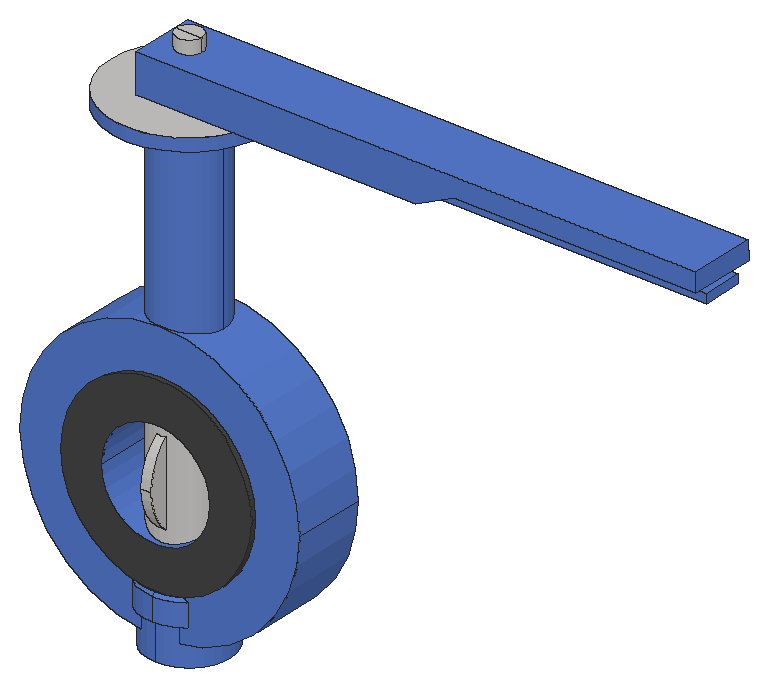
Revit family "Butterfly_Valves-Full_Lug-WATTS-DBF-03_Series", category Pipe Accessories, Revit 2014
Parameters (values of type "DBF-03 / 2"")
  Weight = "8 lbs. (6 kg.)"
  Warranty Information = "1 Year (Limited)"
  URL = "http://www.watts.com"
  Top Plate Diameter F = 3 1/16"
  Top Attacment Diameter H = 1/2"
  Thickness Diameter C = 1 5/8"
  Temperature Range = "EPDM: +5°F to 248°F (-15°C to +120°C) Buna-N: +14°F to 176°F (-10°C to +80°C) Viton: -4°F to 302°F (-20°C to +150°C)"  # constant formula
  Region = "North America"  # constant formula
  Product Page URL = "https://www.watts.com/products/plumbing-flow-control-solutions/shutoff-valves/butterfly-valves/dbf-03"
  Product Documentation Link = "https://www.watts.com/dfsmedia/0533dbba17714b1ab581ab07a4cbb521/20320-source/options/download"
  Price = "Prices may vary. Please consult Manufacturer Representative for most up-to-date price list."  # constant formula
  Plate To Top D = 1 1/4"
  Outer Diameter of Attachment = 5 1/2"
  Opening Diameater E = 2 1/8"
  Number of Bolt = 4
  Model = "DBF-03"  # constant formula
  Max. Working Pressure = "200psi (13.8 bar) pressure rating for 2'' – 12'' (50 – 300mm)** and a 150psi (10.3 bar) pressure rating 14'' – 24'' (350 – 600mm)**"  # constant formula
  Materials = Metal-WATTS-ASTM A-536 Ductile Iron-Blue
  Manufacturer Product Line = "Water Safety & Flow Control"  # constant formula
  Manufacturer = "WATTS"  # constant formula
  Handel Length G = 10 1/2"
  Full Height A = 10 3/4"
  Description = "Butterfly Valves Series DBF-03 Full Lug and DBF-04 Wafer Sizes: 2'' - 12'' (50-300mm) 200psi (13.8 bar) Watts Series DBF resilient seated butterfly valves are available in sizes 2''-12'' (50-300mm), wafer or lug body design. This series was designed to meet the stringent requirements for HVAC, Irrigation, OEM, Commercial and Institutional applications, and wherever positive shutoff is required for liquids, gases, and slurries. Incorporating a 200psi (13.8 bar) pressure rating for 2''-12'' (50-300mm), the Series DBF is standardly constructed of a ductile iron body, an aluminum bronze, ductile iron or 316SS disc, and a 416SS or 316SS shaft. Standard seat materials available include Buna-N, EPDM, and Viton®. A phenolic-backed seat prevents the seat from collapsing or dislodging. In addition to the above features, the Series DBF mounting pad is designed to ISO 5211 standard to accommodate lever handles, gear operators or actuator."  # constant formula
  Creation Date = "12/05/2018"  # constant formula
  Country = "United States"  # constant formula
  Connection Type = "Flange Connection"  # constant formula
  Connection Size = 2"
  Connection Radius = Connection Size / 2  # 1"
  Connection Attacment Diameter I = 3 3/4"
  Central To Top of Plate B = 6 3/8"
  Barrier Radius = Opening Diameater E  # 2 1/8"
  Assembly Code = "D2090900"
Types (10): name | Weight | Top Plate Diameter F | Top Attacment Diameter H | Thickness Diameter C | Plate To Top D | Outer Diameter of Attachment | Opening Diameater E | Number of Bolt | Handel Length G | Full Height A | Connection Size | Connection Radius | Connection Attacment Diameter I | Central To Top of Plate B | Barrier Radius
  (no name) | "8 lbs. (6 kg.)" | 3 1/16" | 1/2" | 1 5/8" | 1 1/4" | 5 1/2" | 2 1/8" | 4 | 10 1/2" | 10 3/4" | 2" | 1" | 3 3/4" | 6 3/8" | 2 1/8"
  DBF-03 / 2" | "8 lbs. (6 kg.)" | 3 1/16" | 1/2" | 1 5/8" | 1 1/4" | 5 1/2" | 2 1/8" | 4 | 10 1/2" | 10 3/4" | 2" | 1" | 3 3/4" | 6 3/8" | 2 1/8"
  DBF-03 / 2 1/2" | "10 lbs. (7 kg.)" | 3 1/16" | 1/2" | 1 3/4" | 1 1/4" | 6 1/4" | 2 1/2" | 4 | 10 1/2" | 11 5/8" | 2 1/2" | 1 1/4" | 4 1/4" | 6 7/8" | 2 1/2"
  DBF-03 / 3" | "10 lbs. (7 kg.)" | 3 1/16" | 1/2" | 1 3/4" | 1 1/4" | 6 3/4" | 3 1/8" | 4 | 10 1/2" | 12 1/8" | 3" | 1 1/2" | 4 3/4" | 7 1/8" | 3 1/8"
  DBF-03 / 4" | "17 lbs. (12 kg.)" | 3 5/8" | 5/8" | 2" | 1 1/4" | 8 1/16" | 4 1/8" | 8 | 10 1/2" | 13 5/8" | 4" | 2" | 6 1/16" | 7 7/8" | 4 1/8"
  DBF-03 / 5" | "25 lbs. (16 kg.)" | 3 5/8" | 3/4" | 2 3/16" | 1 1/4" | 9 1/8" | 4 7/8" | 8 | 10 1/2" | 14 5/8" | 5" | 2 1/2" | 7 1/8" | 8 3/8" | 4 7/8"
  DBF-03 / 6" | "27 lbs. (20 kg.)" | 3 5/8" | 3/4" | 2 3/16" | 1 1/4" | 10 3/16" | 6 1/8" | 8 | 10 1/2" | 15 5/8" | 6" | 3" | 8 3/16" | 8 7/8" | 6 1/8"
  DBF-03 / 8" | "40 lbs. (29 kg.)" | 5" | 7/8" | 2 3/8" | 1 1/4" | 13 1/2" | 8" | 8 | 14" | 18 7/8" | 8" | 4" | 10 1/4" | 10 1/4" | 8"
  DBF-03 / 10" | "63 lbs. (48 kg.)" | 5" | 1 1/8" | 2 3/8" | 1 3/4" | 15" | 9 7/8" | 12 | 14" | 21 1/4" | 10" | 5" | 12 5/8" | 11 1/2" | 9 7/8"
  DBF-03 / 12" | "107 lbs. (78 kg.)" | 6" | 1 1/4" | 3" | 1 3/4" | 17 3/4" | 11 7/8" | 12 | 14" | 24 5/8" | 12" | 6" | 14 3/4" | 13 1/4" | 11 7/8"
Reference planes (in)
  plane 1 "Center (Front/Back)": y = 0
  plane 2: z = 0
  plane 3 "Center (Left/Right)": x = 0
  plane 4: x = 10.5
  plane 5: z = 6.375
  plane 6: z = 7.625
  plane 7: z = 1.0625
  plane 8: z = -1.0625
  plane 9: z = -3.125
  plane 10: z = -1.875
  plane 11: z = 1.875
  plane 12: x = -1.53125
  plane 13: x = 1.53125
  plane 14: x = -0.25
  plane 15: x = 0.25
  plane 16: y = 0.8125
  plane 17: y = -0.8125
  plane 18: z = 6.625
  plane 19: y = 0.71875
  plane 20: y = -0.71875
  plane 21: y = 0.64062
  plane 22: y = -0.64063
  plane 23: y = 0.39062
  plane 24: y = -0.39063
  plane 25: x = 0.42074
  plane 26: x = -0.09412
  plane 27: x = 0.09412
  plane 28: z = 1.38481
  plane 29: z = 1.32063
Forms (in)
  Extrusion 1, solid, material "Metal-WATTS-ASTM A-536 Ductile Iron-Blue"
    sketch origin (0, 0, 0) x (1, 0, 0) y (0, 0, 1)
      loop
        circle (0, 0) r 1.0625
      loop
        circle (0, 0) r 1.875
    from -0.8125 to 0.8125
  Extrusion 2, solid, material "Metal-WATTS-ASTM A-536 Ductile Iron-Blue"
    sketch origin (0, 0, 0) x (1, 0, 0) y (0, 1, 0)
      loop
        circle (0, 0) r 1.53125
    from 6.375 to 6.625
  Revolve 3, solid, material "Metal-WATTS-ASTM A-536 Ductile Iron-Blue"
    sketch origin (0, 0, 0) x (0, 1, 0) y (0, 0, 1)
      loop
        line (0.8125, -2.375) -> (0.90532, -2.375) -> (0.90532, -1.92671) -> (0.85361, -1.875) -> (0, -1.875) -> (0, -3.125) -> (0.8125, -3.125) -> (0.8125, -2.375)
      axis (0, -1.875) -> (0, -3.125)
    angle from 0 to 360
  Extrusion 4, solid, material "Metal-WATTS-ASTM A-536 Ductile Iron-Blue"
    sketch origin (0, 0, 0) x (1, 0, 0) y (0, 0, 1)
      loop
        circle (0, 0) r 1.875
      loop
        circle (0, 0) r 2.75
    from -0.71875 to 0.71875
  Revolve 5, solid, material "Metal-WATTS-Stainless Steel"
    sketch origin (0, 0, 0) x (1, 0, 0) y (0, 0, 1)
      loop
        line (-0.6875, -1.875) -> (0, -1.875) -> (0, 1.32063) -> (-0.6875, 1.32063) -> (-0.6875, -1.875)
      loop
        line (0, 7.625) -> (-0.25, 7.625) -> (-0.25, 6.375) -> (-0.6875, 6.375) -> (-0.6875, 1.38481) -> (0, 1.38481) -> (0, 7.625)
      axis (0, 7.625) -> (0, -1.875)
    angle from 0 to 360
  Extrusion 6, solid, material "Metal-WATTS-ASTM A-536 Ductile Iron-Blue"
    sketch origin (0, 0, 0) x (1, 0, 0) y (0, 0, 1)
      loop
        line (-0.53125, 7.375) -> (-0.53125, 6.625) -> (4.98438, 6.625) -> (5.72991, 7) -> (10.5, 7) -> (10.5, 7.375) -> (-0.53125, 7.375)
    from -0.64062 to 0.64062
  Extrusion 7, solid, material "Metal-WATTS-ASTM A-536 Ductile Iron-Blue"
    sketch origin (0, 0, -5.6875) x (1, 0, 0) y (0, 0, 1)
      loop
        line (5.48183, 12.56272) -> (5.13628, 12.38891) -> (10.5, 12.38891) -> (10.5, 12.56272) -> (5.48183, 12.56272)
    from -0.39062 to 0.39062
  Extrusion 8, solid, material "Metal-WATTS-Stainless Steel"
    sketch origin (0.42074, 0.21217, 48) x (0, -1, 0) y (0, 0, 1)
      loop
        circle (0.21217, -48) r 1.0625
    from 0.32662 to 0.51485
Cuts and joins
  joined: Revolve 5, Extrusion 8
Lines and regions (in)
  Masking region 1, detail levels fine
    outline origin (0, 0, 0) x (1, 0, 0) y (0, 1, 0)
      loop
        line (2.75, 0.71875) -> (1.875, 0.71875) -> (1.875, 0.8125) -> (1.29791, 0.8125)
        arc (1.29791, 0.8125) -> (0.78265, 1.31612) -> (0.09412, 1.52835) r 1.53125
        arc (0.09412, 1.52835) -> (-0.70028, 1.36174) -> (-1.29791, 0.8125) r 1.53125
        line (-1.29791, 0.8125) -> (-1.875, 0.8125) -> (-1.875, 0.71875) -> (-2.75, 0.71875) -> (-2.75, -0.71875) -> (-1.875, -0.71875) -> (-1.875, -0.8125) -> (-1.29791, -0.8125)
        arc (-1.29791, -0.8125) -> (-0.70028, -1.36174) -> (0.09412, -1.52835) r 1.53125
        arc (0.09412, -1.52835) -> (0.78265, -1.31612) -> (1.29791, -0.8125) r 1.53125
        line (1.29791, -0.8125) -> (1.875, -0.8125) -> (1.875, -0.71875) -> (2.75, -0.71875) -> (2.75, -0.64063) -> (2.75, 0.64062) -> (2.75, 0.71875)
  Masking region 2, detail levels fine
    outline origin (0, 0, 0) x (1, 0, 0) y (0, 1, 0)
      loop
        line (10.5, 0.64062) -> (-0.53125, 0.64062) -> (-0.53125, -0.64063) -> (10.5, -0.64063) -> (10.5, 0.64062)
  Masking region 3, detail levels fine
    outline origin (0, 0, 0) x (1, 0, 0) y (0, 1, 0)
      loop
        line (-0.09412, 1.0625) -> (-0.09412, -1.0625) -> (0.09412, -1.0625) -> (0.09412, 1.0625) -> (-0.09412, 1.0625)
  symbolic lines, detail levels fine
    curve 1: arc (-1.29791, 0.8125, 0) -> (-1.53125, 0, 0) -> (-1.29791, -0.8125, 0) r 1.53125
    curve 3: arc (-0.09412, -1.52835, 0) -> (0, -1.53125, 0) -> (0.09412, -1.52835, 0) r 1.53125
    curve 5: circle (0, 0, 0) r 0.25 normal (0, 0, -1)
  symbolic lines, detail levels medium+fine
    curve 2: arc (1.29791, -0.8125, 0) -> (1.3471, -0.72805, 0) -> (1.3908, -0.64063, 0) r 1.53125
    curve 4: arc (0.09412, 1.52835, 0) -> (0, 1.53125, 0) -> (-0.09412, 1.52835, 0) r 1.53125
    curve 6: arc (1.3908, 0.64062, 0) -> (1.3471, 0.72805, 0) -> (1.29791, 0.8125, 0) r 1.53125
  symbolic lines, not visible, detail levels fine
    curve 7: arc (1.3908, -0.64063, 0) -> (1.53125, 0, 0) -> (1.3908, 0.64062, 0) r 1.53125
  model lines, style "PipeAccessory", detail levels coarse+medium
    curve 8: line (-0.5, 0.8125, 0) -> (0.3125, 0.8125, 0)
    curve 9: line (-0.5, -0.8125, 0) -> (0.3125, -0.8125, 0)
    curve 10: line (-0.33634, 0.69351, 0) -> (0.31981, -0.65787, 0)
    curve 11: circle (0, 0, 0) r 0.25 normal (0, 0, 1)
Dimensions and locks (in)
  "Handel Length G": plane 4 to plane 3 "Center (Left/Right)"
  "Central To Top of Plate B": plane 5 to level
  "Plate To Top D": plane 6 to plane 5
  equal spacing: plane 7, level, plane 8
  "Opening Diameater E": plane 7 to plane 8
  equal spacing: plane 11, level, plane 10
  "Connection Attacment Diameter I": plane 11 to plane 10
  "Full Height A": plane 6 to plane 9
  equal spacing: plane 15, plane 3 "Center (Left/Right)", plane 14
  "Top Attacment Diameter H": plane 15 to plane 14
  equal spacing: plane 13, plane 3 "Center (Left/Right)", plane 12
  "Top Plate Diameter F": plane 13 to plane 12
  "Thickness Diameter C": plane 16 to plane 17
  equal spacing: plane 16, plane 1 "Center (Front/Back)", plane 17
  locked: plane 18 to plane 5 at 0.25
  locked: plane 14 to Revolve 5 sketch curve at 0.4375
  equal spacing: plane 21, plane 1 "Center (Front/Back)", plane 22
  locked: plane 1 "Center (Front/Back)" to plane 22 at 0.64062
  locked: plane 6 to Extrusion 6 sketch curve at 0.25
  equal spacing: plane 4, Extrusion 6 sketch curve, Extrusion 6 sketch curve
  locked: plane 3 "Center (Left/Right)" to Extrusion 6 sketch curve at 0.53125
  locked: Extrusion 6 sketch curve to Extrusion 6 sketch curve at 0.375
  locked: plane 16 to plane 19 at 0.09375
  locked: plane 20 to plane 17 at 0.09375
  locked: Revolve 3 sketch curve to Revolve 3 sketch curve at 0.07313
  locked: Revolve 3 sketch curve to Revolve 3 sketch curve at 0.44829
  locked: Revolve 3 sketch curve to Revolve 3 sketch curve at 0.09282
  locked: plane 24 to plane 22 at 0.25
  locked: plane 21 to plane 23 at 0.25
  Extrusion 7 sketch curve to Extrusion 7 sketch curve to plane 18 = 0.17381" locked, 0.07641" locked
  equal spacing: plane 26, plane 3 "Center (Left/Right)", plane 27
  plane 11 to plane 28 to plane 29 = 0.49019" locked, 0.06418" locked
  equal spacing: Masking region 1 sketch curve, plane 3 "Center (Left/Right)", Masking region 1 sketch curve  (x2)
  "Outer Diameter of Attachment": Masking region 1 sketch curve to Masking region 1 sketch curve
  "Connection Attacment Diameter I": Masking region 1 sketch curve to Masking region 1 sketch curve
  equal spacing: Masking region 3 sketch curve, plane 1 "Center (Front/Back)", Masking region 3 sketch curve
  "Barrier Radius": Masking region 3 sketch curve to Masking region 3 sketch curve
  "Opening Diameater E": diameter of Extrusion 1 sketch curve
  "Connection Attacment Diameter I": diameter of Extrusion 1 sketch curve
  "Top Plate Diameter F": diameter of Extrusion 2 sketch curve
  "Connection Attacment Diameter I": diameter of Extrusion 4 sketch curve
  "Outer Diameter of Attachment": diameter of Extrusion 4 sketch curve
  "Barrier Radius": diameter of Extrusion 8 sketch curve
  aligned and locked: Extrusion 1 to plane 16
  aligned and locked: plane 17 to Extrusion 1
  aligned and locked: plane 1 "Center (Front/Back)" to Extrusion 2 sketch curve
  aligned and locked: plane 3 "Center (Left/Right)" to Extrusion 2 sketch curve
  aligned and locked: Extrusion 2 to plane 5
  aligned and locked: plane 18 to Extrusion 2
  aligned and locked: plane 9 to Revolve 3 sketch curve
  aligned and locked: Revolve 3 sketch curve to plane 16
  aligned and locked: plane 1 "Center (Front/Back)" to Revolve 3 sketch curve
  aligned and locked: Revolve 3 sketch curve to plane 10
  aligned and locked: Revolve 3 sketch curve to plane 1 "Center (Front/Back)"
  aligned and locked: plane 3 "Center (Left/Right)" to Extrusion 4 sketch curve  (x2)
  aligned and locked: level to Extrusion 4 sketch curve  (x2)
  aligned and locked: Extrusion 4 to plane 19
  aligned and locked: plane 20 to Extrusion 4
  aligned and locked: Revolve 5 sketch curve to plane 5
  aligned and locked: Revolve 5 sketch curve to plane 6
  aligned and locked: Revolve 5 sketch curve to plane 14
  aligned and locked: Revolve 5 sketch curve to plane 3 "Center (Left/Right)"  (x2)
  aligned and locked: Extrusion 6 to plane 22
  aligned and locked: plane 21 to Extrusion 6
  aligned and locked: Extrusion 6 sketch curve to plane 18
  aligned and locked: Extrusion 6 sketch curve to plane 4
  aligned and locked: Revolve 5 sketch curve to plane 10
  aligned and locked: Extrusion 7 to plane 23
  aligned and locked: Extrusion 7 to plane 24
  aligned and locked: Extrusion 7 sketch curve to plane 4
  aligned and locked: Extrusion 6 to Extrusion 7 sketch curve
  aligned and locked: level to Extrusion 8 sketch curve
  aligned and locked: plane 3 "Center (Left/Right)" to Extrusion 1 sketch curve  (x2)
  aligned and locked: level to Extrusion 1 sketch curve  (x2)
  aligned and locked: Extrusion 8 to plane 26
  aligned and locked: plane 27 to Extrusion 8
  aligned and locked: plane 1 "Center (Front/Back)" to Extrusion 8 sketch curve
  aligned and locked: Revolve 5 sketch curve to plane 28
  aligned and locked: Revolve 5 sketch curve to plane 29
  aligned and locked: Masking region 1 sketch curve to plane 19
  aligned and locked: Masking region 1 sketch curve to plane 20
  aligned and locked: Masking region 1 sketch curve to plane 17
  aligned and locked: Masking region 1 sketch curve to plane 16
  aligned and locked: Masking region 1 sketch curve to Extrusion 2  (x4)
  aligned and locked: Extrusion 4 to Masking region 1 sketch curve
  aligned and locked: Masking region 1 sketch curve to Masking region 1 sketch curve  (x4)
  aligned and locked: curve 1 to Extrusion 2
  aligned and locked: curve 2 to Extrusion 2
  aligned and locked: curve 2 to Masking region 1
  aligned and locked: Masking region 1 to curve 6
  aligned and locked: curve 1 to Masking region 1
  aligned and locked: Masking region 1 to curve 1
  aligned and locked: curve 3 to Extrusion 2
  aligned and locked: plane 26 to curve 3
  aligned and locked: plane 27 to curve 3
  aligned and locked: curve 4 to Extrusion 2
  aligned and locked: plane 26 to curve 4
  aligned and locked: plane 27 to curve 4
  aligned and locked: curve 5 to cut or joined group of Revolve 5, Extrusion 8
  aligned and locked: Masking region 2 sketch curve to Extrusion 6  (x3)
  aligned and locked: Masking region 2 sketch curve to plane 4
  aligned and locked: Extrusion 6 to curve 7  (x2)
  aligned and locked: Extrusion 6 to Masking region 1 sketch curve  (x2)
  aligned and locked: Masking region 3 sketch curve to cut or joined group of Revolve 5, Extrusion 8  (x2)
  aligned and locked: plane 16 to curve 8
  aligned and locked: plane 17 to curve 9
Automatic sketch dimensions
  Extrusion 6 sketch curve to Extrusion 6 sketch curve = 0.74553"
  Revolve 5 sketch curve to plane 9 = 1/8"
  Revolve 5 sketch curve to Revolve 5 sketch curve = 1"
  Revolve 5 sketch curve to plane 14 = 7/16"
  Revolve 5 sketch curve to plane 3 "Center (Left/Right)" = 0"
  Revolve 3 sketch curve to plane 16 = 0.04111"
  Revolve 3 sketch curve to Revolve 3 sketch curve = 1 1/4"
  Revolve 3 sketch curve to Revolve 3 sketch curve = 2"
  curve 1 to curve 6 = 0"  (x2)
  curve 1 to curve 7 = 0"  (x2)
  curve 1 to curve 11 = 0"  (x2)
  curve 9 to plane 14 = 1/4"
  curve 8 to plane 14 = 1/4"
  plane 19 to curve 10 = 0.02524"
  curve 10 to plane 14 = 0.08634"
  plane 15 to curve 8 = 1/16"
  plane 15 to curve 9 = 1/16"
  plane 15 to curve 10 = 0.06981"
  curve 10 to plane 20 = 0.06088"
  plane 16 to Masking region 1 sketch curve = 0"
  plane 17 to Masking region 1 sketch curve = 0"
  Masking region 1 sketch curve to plane 27 = 0"  (x2)
  plane 20 to Masking region 1 sketch curve = 0"
  radius of curve 11 = 1/4"
Connectors (in)
  piping at (0, -0.8125, 0), diameter 2, driven by "Connection Radius"
    settings: on Extrusion 1, index 1, connector inside diameter 24", connector length 0", flow factor 0, pipe flow 0 GPM, pressure drop 0.00 psi, fitting loss kfactor 0, connector angle 0.00°, fixture units 0, engagement length 0", angle of deflection 0.00°, flow configuration 0, flow direction 0, fitting loss method 0, system type 28, joint type 0, gender type 0, connector reference index -1, connector utility 0, adjustable connector no, is connector primary yes, connector description ""
  piping at (0, 0.8125, 0), diameter 2, driven by "Connection Radius"
    settings: on Extrusion 1, index 2, connector inside diameter 24", connector length 0", flow factor 0, pipe flow 0 GPM, pressure drop 0.00 psi, fitting loss kfactor 0, connector angle 0.00°, fixture units 0, engagement length 0", angle of deflection 0.00°, flow configuration 0, flow direction 0, fitting loss method 0, system type 28, joint type 0, gender type 0, connector reference index -1, connector utility 0, adjustable connector no, is connector primary no, connector description ""
